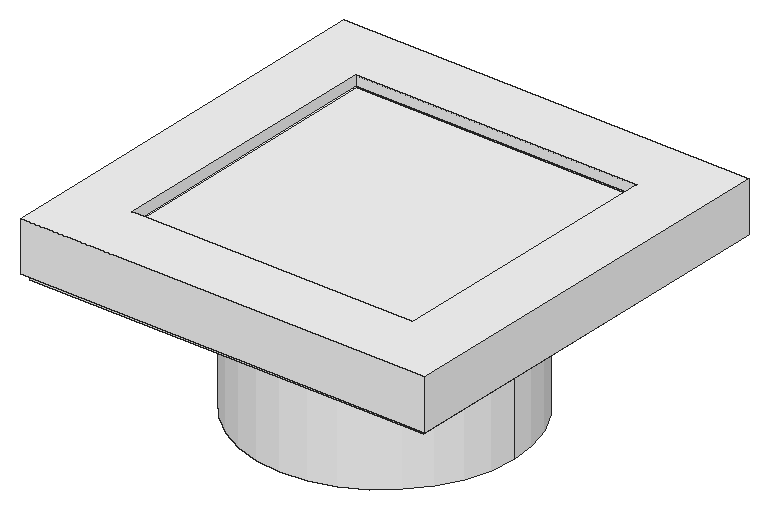
Revit family "Gira_029628", category Electrical Fixtures, host Face, Revit 2017
Family settings
  Host = Face
  Maintain Annotation Orientation = Yes
  Round Connector Dimension = Use Diameter
  Part Type = Normal
  Cut with Voids When Loaded = No
  Shared = No
  Room Calculation Point = No
Parameters (values of type "Wippe System 55 Anthrazit")
  White [instance] = White
  Werkstoffgüte = "Thermoplast"
  Werkstoff = "Kunststoff"
  Verwendung = "Schalter/Taster"
  URL = "http://katalog.gira.de/de_DE/datenblatt.html?artikelnr=029628"
  Region = "DE"
  Oberfläche = "sonstige"
  Name = "Wippe System 55 Anthrazit"
  Model = "Sys55_Komplettgerät_Schalten und Tasten"
  Mit austauschbarer Linse/Symbol = "No"
  Mit Beschriftungsfeld = "No"
  Manufacturer URL = "https://www.gira.de/"
  Kontrollfenster/Lichtauslass = "No"
  HeinzeBIM = "https://bimportal.heinze.de/bim/wippe-system-55-anthrazit/dd89f9fb04045fa8be7b0e31d4602a8e99e45d29"
  Halogenfrei = "Yes"
  HAN = "029628"
  Geeignet für Schutzart (IP) = "IP20"
  Geeignet für Bussystem-Tasterankopplung = "Yes"
  GTIN = "4010337296287"
  Farbe = "anthrazit"
  Default Elevation = 1219.2 mm
  Data sheet (1) = "https://katalog.gira.de/de_DE/download.html?artikelnr=029628"
  Category = "Abdeckung/Bedienelement für Installationsschalterprogramme"
  Befestigungsart = "Klemmbefestigung"
  Available = "Yes"
  Ausführung = "einteilige Wippe"
  Aufdruck/Kennzeichnung = "ohne Aufdruck"
  Abtastbares Symbol/barrierefrei = "No"
Reference planes
  plane 1 "Center (Front/Back)": y = 0
  plane 2: z = 0
  plane 3 "Center (Left/Right)": x = 0
Forms (mm)
  Extrusion 1, solid, material "White" <- "White", detail levels medium
    sketch origin (0, 0, 0) x (1, 0, 0) y (0, 1, 0)
      loop
        line (-40.4, 40.4) -> (-40.4, -40.4) -> (40.4, -40.4) -> (40.4, 40.4) -> (-40.4, 40.4)
      loop
        line (-28, 28) -> (-28, -28) -> (28, -28) -> (28, 28) -> (-28, 28)
    from 0 to 10
  Extrusion 2, solid, material "White" <- "White", detail levels fine
    sketch origin (0, 0, 0) x (1, 0, 0) y (0, 1, 0)
      loop
        line (-40.4, 40.4) -> (-40.4, -40.4) -> (40.4, -40.4) -> (40.4, 40.4) -> (-40.4, 40.4)
      loop
        line (-28, 28) -> (-28, -28) -> (28, -28) -> (28, 28) -> (-28, 28)
    from 0 to 10
  Extrusion 3, void
    sketch origin (0, 0, 0) x (1, 0, 0) y (0, 1, 0)
      loop
        line (-38.4, 38.4) -> (-38.4, -38.4) -> (38.4, -38.4) -> (38.4, 38.4) -> (-38.4, 38.4)
    from 0 to 8
  Extrusion 4, solid, material "White" <- "White", detail levels medium+fine
    sketch origin (0, 0, 0) x (1, 0, 0) y (0, 1, 0)
      loop
        line (-39.4, 39.4) -> (-39.4, -39.4) -> (39.4, -39.4) -> (39.4, 39.4) -> (-39.4, 39.4)
    from 0 to -1
  Extrusion 5, solid, material "White" <- "White", detail levels medium+fine
    sketch origin (0, 0, 0) x (1, 0, 0) y (0, 1, 0)
      loop
        line (-35.5, 35.5) -> (-35.5, -35.5) -> (35.5, -35.5) -> (35.5, 35.5) -> (-35.5, 35.5)
    from -2 to -3
  Extrusion 6, solid, material "White" <- "White", detail levels medium+fine
    sketch origin (0, 0, 0) x (1, 0, 0) y (0, 1, 0)
      loop
        circle (0, 0) r 26
    from 0 to -27.5
  Extrusion 7, solid, material "White" <- "White", detail levels coarse
    sketch origin (0, 0, 0) x (1, 0, 0) y (0, 1, 0)
      loop
        line (-40.4, 40.4) -> (-40.4, -40.4) -> (40.4, -40.4) -> (40.4, 40.4) -> (-40.4, 40.4)
    from -27.5 to 10
Cuts and joins
  Extrusion 3 cuts Extrusion 2
Dimensions and locks
  aligned and locked: plane 2 to host face
  aligned and locked: level to host face
  aligned and locked: plane 3 "Center (Left/Right)" to nested 2
  aligned and locked: plane 1 "Center (Front/Back)" to nested 2
Nested families
  nested 1: "Sys55_Abdeckung_Schalten und Tasten_floor_base" at (0, 0, 0), type "Sys55_Abdeckung_Schalten und Tasten_floor_base"
  nested 2: "Schalter" at (0, 0, 0), type "Schalter"
Connectors
  electrical at (0, 0, -27.5)
    settings: on Extrusion 6, index 1, voltage 220 V, apparent load 0 VA, apparent load phase1 0 VA, apparent load phase2 0 VA, apparent load phase3 0 VA, power factor 1, load classification "Other", number of poles 1, system type 30, power factor state 1, is connector primary yes, connector utility no, sub classification motor no, connector description ""
Definition of nested family "Sys55_Abdeckung_Schalten und Tasten_floor_base"
  Parameters
    Default Elevation = 1219.2 mm
    White [instance] = none
  Reference planes
    plane 1 "Center (Front/Back)": y = 0
    plane 2: z = 0
    plane 3 "Center (Left/Right)": x = 0
  Forms (mm)
    Extrusion 1, solid
      sketch origin (0, 0, 0) x (1, 0, 0) y (0, 1, 0)
        loop
          line (-1219.2, 1219.2) -> (-1219.2, -1219.2) -> (1219.2, -1219.2) -> (1219.2, 1219.2) -> (-1219.2, 1219.2)
      from 0 to -304.8
    Extrusion 2, solid, material <- "White", detail levels fine
      sketch origin (0, 0, 0) x (1, 0, 0) y (0, 1, 0)
        loop
          line (-27.5, 27.5) -> (-27.5, -27.5) -> (27.5, -27.5) -> (27.5, 27.5) -> (-27.5, 27.5)
      from 0 to 8
    Extrusion 3, void
      sketch origin (0, 0, 0) x (1, 0, 0) y (0, 1, 0)
        loop
          line (26, 26) -> (-26, 26) -> (-26, -26) -> (26, -26) -> (26, 26)
      from 0 to 6
    Extrusion 4, solid, material <- "White", detail levels medium
      sketch origin (0, 0, 0) x (1, 0, 0) y (0, 1, 0)
        loop
          line (-27.5, 27.5) -> (-27.5, -27.5) -> (27.5, -27.5) -> (27.5, 27.5) -> (-27.5, 27.5)
      from 0 to 8
    Extrusion 5, solid, material <- "White", detail levels medium
      sketch origin (0, 0, 0) x (1, 0, 0) y (0, 1, 0)
        loop
          line (11, -17.5) -> (11, 17.5) -> (-11, 17.5) -> (-11, -17.5) -> (11, -17.5)
      from -6 to 6
    Extrusion 6, solid, material <- "White", detail levels fine
      sketch origin (0, 0, 0) x (1, 0, 0) y (0, 1, 0)
        loop
          line (11, 17.5) -> (-11, 17.5) -> (-11, 16.5) -> (11, 16.5) -> (11, 17.5)
        loop
          line (-11, -16.5) -> (-11, -17.5) -> (11, -17.5) -> (11, -16.5) -> (-11, -16.5)
      from -4 to 6
    Extrusion 7, solid, material <- "White", detail levels fine
      sketch origin (0, 0, 0) x (1, 0, 0) y (0, 1, 0)
        loop
          arc (5, 9.347) -> (0, 10.6) -> (-5, 9.347) r 10.6
          line (-5, 9.347) -> (-5, -9.347)
          arc (-5, -9.347) -> (0, -10.6) -> (5, -9.347) r 10.6
          line (5, -9.347) -> (5, 9.347)
      from -6 to 6
    Extrusion 8, solid, material <- "White", detail levels coarse
      sketch origin (0, 0, 0) x (1, 0, 0) y (0, 1, 0)
        loop
          line (-27.5, 27.5) -> (-27.5, -27.5) -> (27.5, -27.5) -> (27.5, 27.5) -> (-27.5, 27.5)
      from -6 to 8
  Cuts and joins
    Extrusion 3 cuts Extrusion 2
  Dimensions and locks
    aligned and locked: plane 2 to Extrusion 1
    aligned and locked: level to Extrusion 1
Definition of nested family "Schalter"
  Reference planes
    plane 1: y = 0
    plane 2: x = 0
  Lines and regions (mm)
    detail lines
      curve 1: circle (1.375, 2.778, 0) r 0.8 normal (0, 0, 1)
      curve 2: line (1.021, 2.061, 0) -> (0, 0, 0)
      curve 3: line (0, 0, 0) -> (-0.538, 0.266, 0)
  Dimensions and locks
    curve 2 to curve 2 = 2.3 mm
    curve 3 to curve 2 = 0.6 mm
    radius of curve 1 = 0.8 mm
